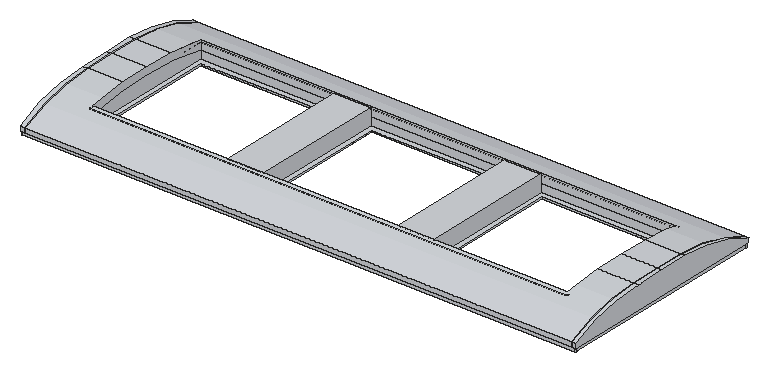
Revit family "Gira_021350", category Electrical Fixtures, host Face, Revit 2017
Family settings
  Host = Face
  Maintain Annotation Orientation = No
  Round Connector Dimension = Use Diameter
  Part Type = Normal
  Cut with Voids When Loaded = No
  Shared = No
  Room Calculation Point = No
Parameters (values of type "Cov.fr. 3-g interm.fr. CAl Gira Event Opaque white")
  With mounting grid = "No"
  With hinged lid = "No"
  URL = "http://katalog.gira.de/en/datenblatt.html?artikelnr=021350"
  Type of fastening = "Clamp mounting"
  Transparent = "No"
  Surface protection = "Other"
  Suitable for wall duct = "No"
  Suitable for flush-mounted installation = "Yes"
  Suitable for floor box = "No"
  Suitable for built-in installation = "No"
  Number of units vertical = "3"
  Number of units horizontal = "3"
  Number of units = "3"
  Name = "Cov.fr. 3-g interm.fr. CAl Gira Event Opaque white"
  Mounting direction = "Horizontal and vertical"
  Material quality = "Thermoplastic"
  Material = "Plastic"
  Manufacturer URL = "https://www.gira.de/"
  Manufacturer = "Gira"
  Label space/information surface = "No"
  Keynote = ""
  HeinzeBIM = "https://bimportal.heinze.de/bim/cov-fr-3-g-interm-fr-cal-gira-event-opaque-white/86f734bcdd5c1bf12f14295ee4dc9481994c7004"
  Halogen free = "Yes"
  HAN = "021350"
  GTIN = "4010337213505"
  Description = "Cov.fr.3g i.fr.CAl EvOp WH,Gira Event Opaque frames,white with colour aluminium intermediate frame,3-gang,Features:,- Shatter-proof."
  Degree of protection (IP) = "IP20"
  Default Elevation = 1219.2 mm
  Data sheet (1) = "https://katalog.gira.de/en/download.html?artikelnr=021350"
  Colour = "White"
  Category = "Cover frame for domestic switching devices"
  BIM (1) = "https://media.stage.bim.site/public/gira/36a6b08/Event_Rahmen_3fach.rfa"
  Available = "No"
Reference planes
  plane 1 "Center (Front/Back)": y = 0
  plane 2: z = 0
  plane 3 "Center (Left/Right)": x = 0
Forms (mm)
  Extrusion 1, solid, detail levels fine
    sketch origin (0, 0, 0.05) x (0, 1, 0) y (0, 0, 1)
      loop
        arc (12.445, 9.683) -> (6.223, 9.833) -> (0, 9.85) r 291.636
        arc (0, 9.85) -> (-6.223, 9.833) -> (-12.445, 9.683) r 291.636
        arc (-12.445, 9.683) -> (-29.14, 7.482) -> (-45, 1.823) r 79.728
        line (-45, 1.823) -> (-45, -0.05) -> (-42.086, -0.05)
        arc (-42.086, -0.05) -> (-21.385, 5.559) -> (0, 7.206) r 114.424
        arc (0, 7.206) -> (21.385, 5.559) -> (42.086, -0.05) r 114.424
        line (42.086, -0.05) -> (45, -0.05) -> (45, 1.823)
        arc (45, 1.823) -> (29.14, 7.482) -> (12.445, 9.683) r 79.728
    from -114.3 to 114.3
  Extrusion 2, void, detail levels fine
    sketch origin (0, 0, 0) x (1, 0, 0) y (0, 1, 0)
      loop
        line (-99.355, -28.053) -> (99.355, -28.053) -> (99.355, 28.053) -> (-99.355, 28.053) -> (-99.355, -28.053)
    from 0.724 to 11
  Extrusion 3, solid, detail levels coarse
    sketch origin (0, 0, 0) x (1, 0, 0) y (0, 1, 0)
      loop
        line (-116.3, 45) -> (-116.3, -45) -> (116.3, -45) -> (116.3, 45) -> (-116.3, 45)
    from -1.5 to 9.9
  Extrusion 4, solid, detail levels medium
    sketch origin (0, 0, 0.05) x (0, 1, 0) y (0, 0, 1)
      loop
        arc (12.445, 9.683) -> (6.223, 9.833) -> (0, 9.85) r 291.636
        arc (0, 9.85) -> (-6.223, 9.833) -> (-12.445, 9.683) r 291.636
        arc (-12.445, 9.683) -> (-29.14, 7.482) -> (-45, 1.823) r 79.728
        line (-45, 1.823) -> (-45, -0.05) -> (45, -0.05) -> (45, 1.823)
        arc (45, 1.823) -> (29.14, 7.482) -> (12.445, 9.683) r 79.728
    from -116.3 to 116.3
  Extrusion 5, solid, detail levels fine
    sketch origin (-71.3, 0, -1.5) x (0, 1, 0) y (0, 0, -1)
      loop
        line (45, -3.373) -> (45, -1.5) -> (-45, -1.5) -> (-45, -3.373)
        arc (-45, -3.373) -> (-29.14, -9.032) -> (-12.445, -11.233) r 79.728
        arc (-12.445, -11.233) -> (-6.223, -11.383) -> (0, -11.4) r 291.636
        arc (0, -11.4) -> (6.223, -11.383) -> (12.445, -11.233) r 291.636
        arc (12.445, -11.233) -> (29.14, -9.032) -> (45, -3.373) r 79.728
    from 43 to 45
  Extrusion 6, solid, detail levels fine
    sketch origin (0, 0, 0) x (1, 0, 0) y (0, 1, 0)
      loop
        line (-97.195, 25.7) -> (-97.195, -25.7) -> (-45.395, -25.7) -> (-45.395, 25.7) -> (-97.195, 25.7)
      loop
        line (25.9, -25.7) -> (25.9, 25.7) -> (-25.9, 25.7) -> (-25.9, -25.7) -> (25.9, -25.7)
      loop
        line (-100.19, 28.49) -> (-100.19, -28.495)
        spline (-100.19, -28.495) -> (-100.181, -28.625) -> (-100.156, -28.754) -> (-100.113, -28.878) -> (-100.056, -28.995) -> (-99.983, -29.104) -> (-99.897, -29.202) -> (-99.798, -29.288) -> (-99.69, -29.361) -> (-99.572, -29.419) -> (-99.448, -29.461) -> (-99.32, -29.486) -> (-99.19, -29.495)
        line (-99.19, -29.495) -> (99.195, -29.495)
        spline (99.195, -29.495) -> (99.325, -29.486) -> (99.454, -29.461) -> (99.578, -29.419) -> (99.695, -29.361) -> (99.804, -29.288) -> (99.902, -29.202) -> (99.988, -29.104) -> (100.061, -28.995) -> (100.119, -28.878) -> (100.161, -28.754) -> (100.186, -28.625) -> (100.195, -28.495)
        line (100.195, -28.495) -> (100.195, 28.49)
        spline (100.195, 28.49) -> (100.186, 28.62) -> (100.161, 28.748) -> (100.119, 28.872) -> (100.061, 28.99) -> (99.988, 29.098) -> (99.902, 29.197) -> (99.804, 29.283) -> (99.695, 29.356) -> (99.578, 29.413) -> (99.454, 29.456) -> (99.325, 29.481) -> (99.195, 29.49)
        line (99.195, 29.49) -> (-99.19, 29.49)
        spline (-99.19, 29.49) -> (-99.32, 29.481) -> (-99.448, 29.456) -> (-99.572, 29.413) -> (-99.69, 29.356) -> (-99.798, 29.283) -> (-99.897, 29.197) -> (-99.983, 29.098) -> (-100.056, 28.99) -> (-100.113, 28.872) -> (-100.156, 28.748) -> (-100.181, 28.62) -> (-100.19, 28.49)
      loop
        line (97.2, -25.7) -> (97.2, 25.7) -> (45.4, 25.7) -> (45.4, -25.7) -> (97.2, -25.7)
    from 0.1 to 7.3
  Extrusion 7, solid
    sketch origin (0, 0, 0) x (1, 0, 0) y (0, 1, 0)
      loop
        arc (-116, -44.2) -> (-115.854, -44.554) -> (-115.5, -44.7) r 0.5
        line (-115.5, -44.7) -> (115.5, -44.7)
        arc (115.5, -44.7) -> (115.854, -44.554) -> (116, -44.2) r 0.5
        line (116, -44.2) -> (116, 44.2)
        arc (116, 44.2) -> (115.854, 44.554) -> (115.5, 44.7) r 0.5
        line (115.5, 44.7) -> (-115.5, 44.7)
        arc (-115.5, 44.7) -> (-115.854, 44.554) -> (-116, 44.2) r 0.5
        line (-116, 44.2) -> (-116, -44.2)
      loop
        line (-114.3, 43) -> (-114.3, -43) -> (114.3, -43) -> (114.3, 43) -> (-114.3, 43)
    from -1.5 to 0.5
  Extrusion 8, solid, detail levels fine
    sketch origin (71.3, 0, -1.5) x (0, 1, 0) y (0, 0, 1)
      loop
        arc (45, 3.373) -> (29.14, 9.032) -> (12.445, 11.233) r 79.728
        arc (12.445, 11.233) -> (6.223, 11.383) -> (0, 11.4) r 291.636
        arc (0, 11.4) -> (-6.223, 11.383) -> (-12.445, 11.233) r 291.636
        arc (-12.445, 11.233) -> (-29.14, 9.032) -> (-45, 3.373) r 79.728
        line (-45, 3.373) -> (-45, 1.5) -> (45, 1.5) -> (45, 3.373)
    from 43 to 45
  Extrusion 9, solid, detail levels medium
    sketch origin (0, 0, 0) x (1, 0, 0) y (0, 1, 0)
      loop
        line (-116, -44.7) -> (116, -44.7) -> (116, 44.7) -> (-116, 44.7) -> (-116, -44.7)
    from -1.5 to 0.5
  Extrusion 10, solid, detail levels fine
    sketch origin (-34.207, 0, 0) x (1, 0, 0) y (0, 1, 0)
      loop
        line (-8.943, 28.063) -> (-8.943, -27.937) -> (6.057, -27.937) -> (6.057, 28.063) -> (-8.943, 28.063)
    from 0.724 to 7.566
  Extrusion 11, solid, detail levels fine
    sketch origin (34.207, 0, 0) x (-1, 0, 0) y (0, -1, 0)
      loop
        line (-8.943, -28.063) -> (6.057, -28.063) -> (6.057, 27.937) -> (-8.943, 27.937) -> (-8.943, -28.063)
    from 0.724 to 7.566
Cuts and joins
  Extrusion 2 cuts Extrusion 1
  Extrusion 2 cuts Extrusion 6
Dimensions and locks
  aligned and locked: plane 2 to host face
  aligned and locked: level to host face
